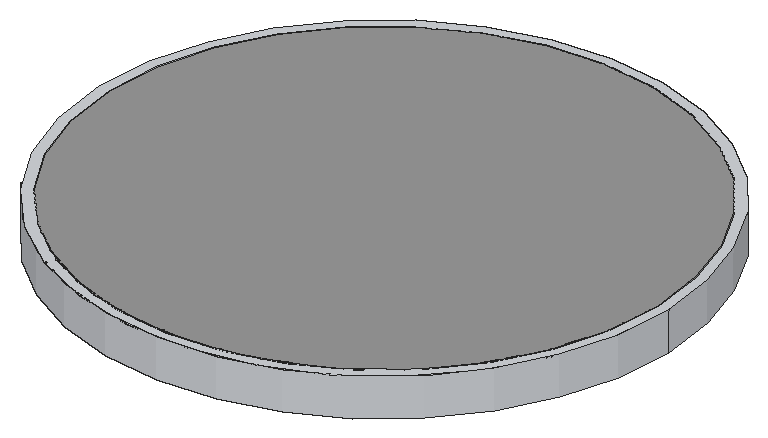
Revit family "2071269", category Lighting Fixtures, host Face, Revit 2018
Family settings
  Host = Face
  Round Connector Dimension = Use Diameter
  Part Type = Normal
  OmniClass Number = 23.80.70.00
  OmniClass Title = Lighting
  Cut with Voids When Loaded = No
  Light Source = Yes
  Shared = No
  Room Calculation Point = No
Parameters (values of type "2071269 COLOSSAL 900 840 PR DIR+H WHT DALI")
  iner diameter = 856 mm
  Weight = "n/a"
  Wattage Comments = ""
  Wattage = 30 W
  WarrantyStartDate [instance] = "n/a"
  WarrantyGuarantorParts = "n/a"
  WarrantyDurationUnit = "n/a"
  WarrantyDurationParts = ""
  WarrantyDescription = "http://www.sylvania-lighting.com"
  built-in parameter 1150110 = 1 (stored number, unit not read)
  Voltage = 230 V
  URL = "0.99"
  TypeName = "COLOSSAL 900mm 840 PRISM DIR+HAL WHITE DALI"
  Type Image = <None>
  Type Comments = "n/a"
  built-in parameter 1114217 = 1 (stored number, unit not read)
  Tilt Angle = -90.00°
  built-in parameter 1150109 = 1 (stored number, unit not read)
  built-in parameter 1150134 = (empty or 0)
  built-in parameter 1150113 = 1 (stored number, unit not read)
  SerialNumber [instance] = "n/a"
  Photometric Web File = "2071269.ies"
  Material_3_SYL = LED-Sylvania
  PowerFactor = 0
  PowerConsumption = "Lighting"
  NominalLength = 888 mm
  NominalHeight = 93 mm
  NominalDepth = 888 mm
  Name = "COLOSSAL 900mm 840 PRISM DIR+HAL WHITE DALI"
  ModelReference = Name  # "COLOSSAL 900mm 840 PRISM DIR+HAL WHITE DALI"
  ModelNumber = "2071269"
  Model = Name  # "COLOSSAL 900mm 840 PRISM DIR+HAL WHITE DALI"
  Material = "Feilo Sylvania"
  ManufacturerName = "141 lm/W"
  Manufacturer = ""
  LuminousEfficacy = ""
  built-in parameter 1150105 = 270.44 (stored number, unit not read)
  Lumens = 3398.4 lm
  LuminaireType = "0"
  built-in parameter 1150115 = 1 (stored number, unit not read)
  LightOutputRatio = "LED"
  built-in parameter 1150137 = (empty or 0)
  built-in parameter 1150139 = (empty or 0)
  LampsType = Lamp  # "n/a"
  LampNominalLuminous = "4000 K"
  LampMacAdamStep = "80"
  LampColourTemperature = "LED"
  LampColourRenderingIndex = "16500"
  built-in parameter 1150112 = 1 (stored number, unit not read)
  built-in parameter 1150114 = 1 (stored number, unit not read)
  Lamp = "n/a"
  Keynote = "n/a"
  InstallationDate [instance] = "n/a"
  InputVoltage = "0"
  InputNominalFrequency = "4000"
  built-in parameter 1150132 = (empty or 0)
  built-in parameter 1150102 = (empty or 0)
  built-in parameter 1150107 = 3000 (stored number, unit not read)
  built-in parameter 1150138 = (empty or 0)
  IngressProtection = "IfcLightFixtureType"
  ImpactProtectionIndex = "IfcLightFixtureType"
  built-in parameter 1150106 = 2.7044 (stored number, unit not read)
  IfcExportType = "IfcLightFixtureType"
  IfcExportAs = "Class I"
  Emit from Circle Diameter = 385 mm
  Emit Shape Visible in Rendering = no
  ElectricShockClassification = "141"
  built-in parameter 1150104 = 10.524 (stored number, unit not read)
  DocumentationLiterature = "http://www.sylvania-lighting.com/product/en-int/products/2071269"
  DimmingControlOptions = "n/a"
  Material_2_SYL = Polycarbonate_Sylvania_White
  Dimming Lamp Color Temperature Shift = <None>
  Description = "900mm diameter circular architectural luminaire, can be surface mounted or suspended. Powder coated aluminium housing (RAL9016) with PMMA prismatic diffuser. Direct/indirect (halo) light distribution, 8285lm luminuous flux, 58.7W system power, 141lm/W luminiaire efficacy. DALI dimmable. Colour rendering index Ra >80, 4000K Neutral White LED, chromaticity tolerance of 3-step MacAdam ellipse. IP40/IP20, IK03. 350mA drive current. UGR≤19. Electrical protection Class1, 220-240V. Reported lifetime 66k hours L90B10."
  Default Elevation = 1219.2 mm
  CreatedOn = "23/03/2022"
  CreatedBy = "@sylvania-lighting.com"
  Cost = 0
  Color Filter = 16777215
  built-in parameter 1114216 [instance] = (empty or 0)
  ClassificationValue = "EF_70_80"
  ClassificationName = "Uniclass2015"
  Material_1_SYL = Polycarbonate_Sylvania_Opal
  BarCode [instance] = "n/a"
  built-in parameter 1114218 = 1 (stored number, unit not read)
  built-in parameter 1150133 = 10 (stored number, unit not read)
  AssetType = "Fixed"
  AssetIdentifier [instance] = "n/a"
  Assembly Code = "D5020200"
  Apparent Load = 58.7 VA
  Material_4_SYL = none
Reference planes
  plane 1 "Center (Front/Back)": y = 0
  plane 2: z = 0
  plane 3 "Center (Left/Right)": x = 0
  plane 4: z = 1.161
  plane 5: z = 16.161
  plane 6: x = -444
  plane 7: x = 444
  plane 8: y = 444
  plane 9: y = -444
  plane 10: y = 236
  plane 11: y = -236
  plane 12: x = 85
  plane 13: x = -85
  plane 14: through (0, 0, 1219.2) normal (0.5, 0.866, 0)
  plane 15: through (42.5, 73.612, 1219.2) normal (0.5, 0.866, 0)
  plane 16: through (-42.5, -73.612, 1219.2) normal (0.5, 0.866, 0)
  plane 17: through (0, 0, 1219.2) normal (0.5, -0.866, 0)
  plane 18: through (-42.5, 73.612, 1219.2) normal (0.5, -0.866, 0)
  plane 19: through (42.5, -73.612, 1219.2) normal (0.5, -0.866, 0)
  plane 20: z = 93
  plane 21: y = 428
  plane 22: y = -428
Forms (mm)
  Extrusion 1, solid, detail levels medium+fine
    sketch origin (0, 0, 0) x (0.866025, -0.5, 0) y (0.5, 0.866025, 0)
      loop
        circle (-50, 86.603) r 22
    from 0 to 2
  Extrusion 2, solid, detail levels medium+fine
    sketch origin (0, 0, 0) x (0.866025, -0.5, 0) y (0.5, 0.866025, 0)
      loop
        circle (100, 0) r 22
      loop
        circle (-50, -86.603) r 22
    from 0 to 2
  Blend 3, solid, detail levels medium+fine
    base sketch origin (0, 0, 0) x (1, 0, 0) y (0, 1, 0)
      loop
        line (-85, 236) -> (-246.882, -44.388) -> (-161.882, -191.612) -> (161.882, -191.612) -> (246.882, -44.388) -> (85, 236) -> (-85, 236)
    top sketch origin (0, 0, 0) x (1, 0, 0) y (0, 1, 0)
      loop
        line (-85, 283.076) -> (-287.651, -67.926) -> (-207.792, -218.119) -> (207.792, -218.119) -> (292.5, -71.401) -> (85, 283.076) -> (-85, 283.076)
    from 0 to 33.022
  Extrusion 4, solid, detail levels medium+fine
    sketch origin (0, 0, 0) x (1, 0, 0) y (0, 1, 0)
      loop
        circle (0, 0) r 444
    from 33.022 to 93
  Extrusion 5, void
    sketch origin (0, 0, 0) x (1, 0, 0) y (0, 1, 0)
      loop
        circle (0, 0) r 428
    from 96.588 to 37.292
  Extrusion 6, solid, material "Glass, White, High Luminance", detail levels fine
    sketch origin (0, 0, 0) x (1, 0, 0) y (0, 1, 0)
      loop
        circle (0, 0) r 428
    from 87.991 to 93
  Extrusion 7, solid, detail levels coarse
    sketch origin (0, 0, 0) x (1, 0, 0) y (0, 1, 0)
      loop
        line (-444, 444) -> (-444, -444) -> (444, -444) -> (444, 444) -> (-444, 444)
    from 0 to 93.648
Cuts and joins
  Extrusion 5 cuts Extrusion 1
  Extrusion 5 cuts Extrusion 2
  Extrusion 5 cuts Blend 3
  Extrusion 5 cuts Extrusion 4
Lines and regions (mm)
  model lines, detail levels medium+fine
    curve 1: circle (0, 0, 0) r 100 normal (0, 0, 1)
Dimensions and locks
  "NominalDepth": plane 8 to plane 9
  plane 8 to plane 1 "Center (Front/Back)" to plane 9 = 444 mm, 444 mm
  "NominalLength": plane 6 to plane 7
  equal spacing: plane 6, plane 3 "Center (Left/Right)", plane 7
  "NominalHeight": level to plane 20
  "iner diameter": plane 21 to plane 22
  equal spacing: plane 21, plane 1 "Center (Front/Back)", plane 22
  aligned and locked: plane 2 to host face
  aligned and locked: level to host face
Automatic sketch dimensions
  host sketch curve to host sketch curve = 2438.4 mm  (x2)
  Extrusion 1 sketch curve to plane 3 "Center (Left/Right)" = 0 mm
  Extrusion 1 sketch curve to plane 1 "Center (Front/Back)" = 100 mm
  plane 1 "Center (Front/Back)" to Extrusion 2 sketch curve = 50 mm
  Extrusion 2 sketch curve to plane 3 "Center (Left/Right)" = 86.603 mm
  Extrusion 2 sketch curve to Extrusion 2 sketch curve = 150 mm
  Extrusion 2 sketch curve to Extrusion 2 sketch curve = 86.603 mm
  plane 1 "Center (Front/Back)" to curve 1 = 0 mm
  curve 1 to plane 3 "Center (Left/Right)" = 0 mm
  plane 18 to Blend 3 sketch curve = 0 mm  (x2)
  plane 19 to Blend 3 sketch curve = 0 mm  (x2)
  Blend 3 sketch curve to plane 10 = 0 mm
  Blend 3 sketch curve to plane 13 = 0 mm  (x2)
  Blend 3 sketch curve to plane 12 = 0 mm  (x2)
  Blend 3 sketch curve to plane 16 = 0 mm  (x2)
  Blend 3 sketch curve to plane 15 = 0 mm
  plane 11 to Blend 3 sketch curve = 44.388 mm
  plane 1 "Center (Front/Back)" to Blend 3 sketch curve = 44.388 mm  (x2)
  plane 11 to Blend 3 sketch curve = 17.881 mm
  plane 1 "Center (Front/Back)" to Blend 3 sketch curve = 67.926 mm
  plane 1 "Center (Front/Back)" to Blend 3 sketch curve = 71.401 mm
  Blend 3 sketch curve to plane 7 = 151.5 mm
  plane 10 to Blend 3 sketch curve = 47.076 mm
  plane 1 "Center (Front/Back)" to Extrusion 4 sketch curve = 0 mm
  Extrusion 4 sketch curve to plane 3 "Center (Left/Right)" = 0 mm
  plane 1 "Center (Front/Back)" to Extrusion 5 sketch curve = 0 mm
  Extrusion 5 sketch curve to plane 3 "Center (Left/Right)" = 0 mm
  plane 1 "Center (Front/Back)" to Extrusion 6 sketch curve = 0 mm
  Extrusion 6 sketch curve to plane 3 "Center (Left/Right)" = 0 mm
  Extrusion 7 sketch curve to plane 6 = 0 mm
  Extrusion 7 sketch curve to plane 7 = 0 mm
  Extrusion 7 sketch curve to plane 9 = 0 mm
  Extrusion 7 sketch curve to plane 8 = 0 mm
  radius of Extrusion 1 sketch curve = 22 mm
  radius of Extrusion 2 sketch curve = 22 mm  (x2)
  radius of curve 1 = 100 mm
  radius of Extrusion 4 sketch curve = 444 mm
  radius of Extrusion 5 sketch curve = 428 mm
  radius of Extrusion 6 sketch curve = 428 mm
Connectors
  electrical at (0, 0, 0), driven by "Apparent Load", driven by "PowerFactor", driven by "Voltage"
    settings: index 1, voltage 230 V, apparent load 58.7 VA, apparent load phase1 0 VA, apparent load phase2 0 VA, apparent load phase3 0 VA, power factor 0, load classification "Lighting", number of poles 1, system type 30, power factor state 1, is connector primary yes, connector utility no, sub classification motor no, connector description ""
